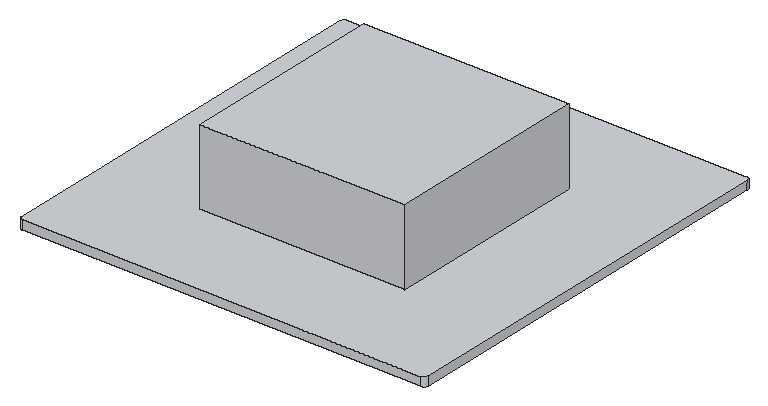
Revit family "Atlas_Sound_IP-22SYSM_Ceiling_Mounted", category Communication Devices, host Ceiling, Revit 2026
Family settings
  Host = Ceiling
  Round Connector Dimension = Use Diameter
  Part Type = Normal
  Always vertical = Yes
  Cut with Voids When Loaded = No
  Maintain Annotation Orientation = No
  Shared = No
  Room Calculation Point = No
Parameters
  Warranty Duration (Years) = 0
  URL = "https://www.atlasied.com/ip-22sysm"
  Specification = ""
  SpecWizard = ""
  Send Message = ""
  Sales Information = ""
  Revision = ""
  Product Properties = ""
  Product Data = "https://www.atlasied.com/f/5898/ipx-series-endpoint-speaker-install-sheet.pdf"
  OmniClass Title = ""
  OmniClass Number = ""
  MasterFormat04 Keynote = ""
  Manufacturer's Notes = ""
  Manufacturer Website = "https://www.atlasied.com/"
  Manufacturer Phone - Toll Free = "800-876-3333"
  Manufacturer Phone = "602-438-4545"
  Manufacturer Fax = "602-438-8692"
  Manufacturer Email = ""
  Manufacturer Address = "4545 E. Baseline Rd. Phoenix, AZ 85040"
  Manufacturer = "Atlas Sound"
  Maintenance Schedule (Months) = 0
  Installation-Fabrication = "https://www.atlasied.com/f/5898/ipx-series-endpoint-speaker-install-sheet.pdf"
  Installation Phase = ""
  Green Building-LEED = ""
  Expected Lifespan (Years) = 0
  Drawn By = "Matt Wunch"
  Description = "POE+ indoor 2' x 2' suspended ceiling mount IP speaker with paging microphone"
  Default Elevation = 0' - 0"
  Copyright = "Arcat, Inc. ©2018"
  Construction Details = ""
  Company_ID = 0
  Category = ""
  Building Codes = ""
Reference planes (in)
  plane 1 "Center (Front/Back)": y = 0
  plane 2 "Ceiling": z = 96
  plane 3 "Center (Left/Right)": x = 0
Lines and regions (in)
  model lines
    curve 1: line (0.16406, -23.58594, 96) -> (0.16406, -0.41406, 96)
    curve 2: arc (0.16406, -0.41406, 96) -> (0.23729, -0.23729, 96) -> (0.41406, -0.16406, 96) r 0.25
    curve 3: line (0.41406, -0.16406, 96) -> (23.58594, -0.16406, 96)
    curve 4: arc (23.58594, -0.16406, 96) -> (23.76271, -0.23729, 96) -> (23.83594, -0.41406, 96) r 0.25
    curve 5: line (23.83594, -0.41406, 96) -> (23.83594, -23.58594, 96)
    curve 6: arc (23.83594, -23.58594, 96) -> (23.76271, -23.76271, 96) -> (23.58594, -23.83594, 96) r 0.25
    curve 7: line (23.58594, -23.83594, 96) -> (0.41406, -23.83594, 96)
    curve 8: arc (0.41406, -23.83594, 96) -> (0.23729, -23.76271, 96) -> (0.16406, -23.58594, 96) r 0.25
Dimensions and locks (in)
  equal spacing: host sketch curve, plane 3 "Center (Left/Right)", host sketch curve
  equal spacing: host sketch curve, plane 1 "Center (Front/Back)", host sketch curve
  host sketch curve to host sketch curve = 10' - 0"  (x2)
Nested families (in)
  nested 1: "Atlas_Sound_IP-22SYSM" at (12, -12, 96), type "Atlas_Sound_IP-22SYSM"
Connectors (in)
  electrical at (12, -12, 100.89063)
    settings: on nested 1, index 1, voltage 0 V, apparent load 0 VA, apparent load phase1 0 VA, apparent load phase2 0 VA, apparent load phase3 0 VA, power factor 1, load classification "Other", number of poles 1, system type 14, power factor state 1, is connector primary yes, connector utility no, sub classification motor no, connector description ""
Definition of nested family "Atlas_Sound_IP-22SYSM"
  Parameters (values of type "Atlas_Sound_IP-22SYSM")
    Warranty Duration (Years) = 0
    URL = "https://www.atlasied.com/ip-sm"
    Specification = ""
    SpecWizard = ""
    Send Message = ""
    Sales Information = ""
    Revision = ""
    Product Properties = ""
    Product Data = "https://www.atlasied.com/f/5898/ipx-series-endpoint-speaker-install-sheet.pdf"
    OmniClass Title = ""
    OmniClass Number = ""
    Model = "IP-SM"
    MasterFormat04 Keynote = ""
    Manufacturer's Notes = ""
    Manufacturer Website = "https://www.atlasied.com/"
    Manufacturer Phone - Toll Free = "800-876-3333"
    Manufacturer Phone = "602-438-4545"
    Manufacturer Fax = "602-438-8692"
    Manufacturer Email = ""
    Manufacturer Address = "4545 E. Baseline Rd. Phoenix, AZ 85040"
    Manufacturer = "Atlas Sound"
    Maintenance Schedule (Months) = 0
    Length = 1' - 11 43/64"
    Installation-Fabrication = "https://www.atlasied.com/f/5898/ipx-series-endpoint-speaker-install-sheet.pdf"
    Installation Phase = ""
    Green Building-LEED = ""
    Expected Lifespan (Years) = 0
    Drawn By = "Matt Wunch"
    Description = "POE+ indoor wall / ceiling mount IP speaker with paging microphone"
    Default Elevation = 0' - 0"
    Copyright = "Arcat, Inc. ©2018"
    Construction Details = ""
    Company_ID = 38830
    Category = ""
    Building Codes = ""
  Reference planes (in)
    plane 1 "Center (Front/Back)": y = 0
    plane 2: z = 0
    plane 3 "Center (Left/Right)": x = 0
    plane 4: x = -11.83594
    plane 5: x = 11.83594
    plane 6: y = -11.83594
    plane 7: y = 11.83594
  Forms (in)
    Extrusion 1, solid
      sketch origin (0, 0, 0) x (1, 0, 0) y (0, 1, 0)
        loop
          arc (-11.58594, 11.83594) -> (-11.76271, 11.76271) -> (-11.83594, 11.58594) r 0.25
          line (-11.83594, 11.58594) -> (-11.83594, -11.58594)
          arc (-11.83594, -11.58594) -> (-11.76271, -11.76271) -> (-11.58594, -11.83594) r 0.25
          line (-11.58594, -11.83594) -> (11.58594, -11.83594)
          arc (11.58594, -11.83594) -> (11.76271, -11.76271) -> (11.83594, -11.58594) r 0.25
          line (11.83594, -11.58594) -> (11.83594, 11.58594)
          arc (11.83594, 11.58594) -> (11.76271, 11.76271) -> (11.58594, 11.83594) r 0.25
          line (11.58594, 11.83594) -> (-11.58594, 11.83594)
      from 0 to 0.5
    Extrusion 2, solid
      sketch origin (-0.69085, -0.86316, 0) x (1, 0, 0) y (0, 1, 0)
        loop
          line (-5.27915, 6.83316) -> (-5.27915, -5.10684) -> (6.66085, -5.10684) -> (6.66085, 6.83316) -> (-5.27915, 6.83316)
      from 0 to 4.89062
  Lines and regions (in)
    symbolic lines
      curve 1: line (-12, 12, 0) -> (12, 12, 0)
      curve 2: line (-12, -12, 0) -> (-12, 12, 0)
      curve 3: line (12, -12, 0) -> (-12, -12, 0)
      curve 4: line (12, 12, 0) -> (12, -12, 0)
  Dimensions and locks (in)
    equal spacing: plane 4, plane 3 "Center (Left/Right)", plane 5
    "Length": plane 4 to plane 5
    equal spacing: plane 7, plane 1 "Center (Front/Back)", plane 6
    "Length": plane 7 to plane 6
    aligned and locked: plane 2 to level
    aligned and locked: Extrusion 1 sketch curve to plane 4
    aligned and locked: Extrusion 1 sketch curve to plane 7
    aligned and locked: Extrusion 1 sketch curve to plane 5
    aligned and locked: Extrusion 1 sketch curve to plane 6
  Automatic sketch dimensions
    Extrusion 1 sketch curve to plane 4 = 0' - 0 1/4"  (x2)
    Extrusion 1 sketch curve to plane 5 = 0' - 0 1/4"  (x2)
    curve 3 to plane 7 = 1' - 11 107/128"
    plane 4 to curve 3 = 0' - 0 21/128"
    curve 3 to plane 4 = 1' - 11 107/128"
    curve 2 to curve 2 = 2' - 0"
    Extrusion 2 sketch curve to plane 3 "Center (Left/Right)" = 0' - 5.97"
    plane 3 "Center (Left/Right)" to Extrusion 2 sketch curve = 0' - 5.97"
    plane 1 "Center (Front/Back)" to Extrusion 2 sketch curve = 0' - 5.97"
    Extrusion 2 sketch curve to plane 1 "Center (Front/Back)" = 0' - 5.97"
